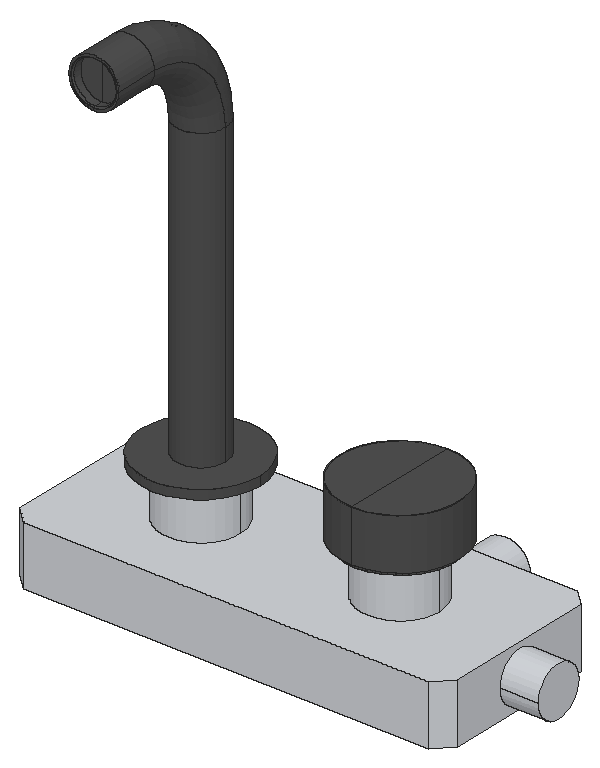
Revit family "Reece_Tap_Milli_Pure_Basin Mixer_Progressive_Wall Mounted_200 mm_Linear Texture", category Plumbing Fixtures, host Face, Revit 2018
Family settings
  Host = Face
  Round Connector Dimension = Use Diameter
  Part Type = Normal
  Cut with Voids When Loaded = No
  Shared = Yes
  Room Calculation Point = Yes
Parameters (values of type "Matte Black")
  WFU = 0  # constant formula
  URL = "https://www.reece.com.au/product/-2224793"
  Type Comments = "Tap"
  Reece_Tap_Reach = 200 mm  # constant formula
  Reece_Tap_Inlet = 12 mm  # constant formula
  Reece_Product_Web Page = "https://www.reece.com.au/product/-2224793"
  Reece_Product_Type = "Tap"  # constant formula
  Reece_Product_Sub Brand = "Pure"  # constant formula
  Reece_Product_Number = "2224793"
  Reece_Product_Mount = "Wall Mounted"
  Reece_Product_Description = "Milli Pure Progressive Wall Basin Mixer Tap System 200mm with Linear Textured Handle Matte Black (3 star)"
  Reece_Product_Brand = "Milli"  # constant formula
  Reece_Overall_Length = 212.5 mm  # constant formula
  Reece_Material_Secondary = Reece_Brass_Matte Black_Linear Pattern
  Reece_Material-Main = Reece_Brass_Matte Black
  Reece_Detail_Tap_Handle Texture = "Linear  Texture"  # constant formula
  Reece_Detail_Installation = ""
  Reece_Detail_Disclaimer = "THIS FILE IS THE PROPERTY OF THE REECE GROUP. IT MAY NOT BE REPRODUCED, REVERSE-ENGINEERED OR MODIFIED. ANY REPUBLICATION, TRANSMISSION OR DISTRIBUTION FOR THE PURPOSE OF COMMERCIALLY EXPLOITING THE FILES IS PROHIBITED."  # constant formula
  Reece_Detail_Connector = ""
  Reece_Detail_Additional = "Basin Mixer"  # constant formula
  Reece_3D Texture = no
  Reece_3D Simplified Geometry = not(Reece_3D Texture)  # yes
  Model = "Pure"
  Manufacturer = "Milli"
  Keynote = "Product #2224793, Reece_Tap_Milli_Pure_Basin Mixer_Progressive_Wall Mounted_200 mm_Linear Texture - Matte Black"
  HWFU = 0  # constant formula
  Disclaimer = "THIS FILE IS THE PROPERTY OF THE REECE GROUP. IT MAY NOT BE REPRODUCED, REVERSE-ENGINEERED OR MODIFIED. ANY REPUBLICATION, TRANSMISSION OR DISTRIBUTION FOR THE PURPOSE OF COMMERCIALLY EXPLOITING THE FILES IS PROHIBITED."  # constant formula
  Description = "Milli Pure Progressive Wall Basin Mixer Tap System 200mm with Linear Textured Handle Matte Black (3 star)"
  Default Elevation = 1000 mm
  CWFU = 0  # constant formula
Types (7, lengths in mm): name | URL | Reece_Product_Web Page | Reece_Product_Number | Reece_Product_Description | Reece_Material_Secondary | Reece_Material-Main | Keynote | Description
  (no name) | "https://www.reece.com.au/product/-2224792" | "https://www.reece.com.au/product/-2224792" | "2224792" | "Milli Pure Progressive Wall Basin Mixer Tap System 200mm with Linear Textured Handle Brushed Gunmetal (3 star)" | Reece_Brass_Brushed Gunmetal_Linear Pattern | Reece_Brass_Brushed Gunmetal | "Product #2224792, Reece_Tap_Milli_Pure_Basin Mixer_Progressive_Wall Mounted_200 mm_Linear Texture -  " | "Milli Pure Progressive Wall Basin Mixer Tap System 200mm with Linear Textured Handle Brushed Gunmetal (3 star)"
  Brushed Gunmetal | "https://www.reece.com.au/product/-2224792" | "https://www.reece.com.au/product/-2224792" | "2224792" | "Milli Pure Progressive Wall Basin Mixer Tap System 200mm with Linear Textured Handle Brushed Gunmetal (3 star)" | Reece_Brass_Brushed Gunmetal_Linear Pattern | Reece_Brass_Brushed Gunmetal | "Product #2224792, Reece_Tap_Milli_Pure_Basin Mixer_Progressive_Wall Mounted_200 mm_Linear Texture - Brushed Gunmetal" | "Milli Pure Progressive Wall Basin Mixer Tap System 200mm with Linear Textured Handle Brushed Gunmetal (3 star)"
  Chrome | "https://www.reece.com.au/product/-2224790" | "https://www.reece.com.au/product/-2224790" | "2224790" | "Milli Pure Progressive Wall Basin Mixer Tap System 200mm with Linear Textured Handle Chrome (3 star)" | Reece_Brass_Chrome_Linear Pattern | Reece_Brass_Chrome | "Product #2224790, Reece_Tap_Milli_Pure_Basin Mixer_Progressive_Wall Mounted_200 mm_Linear Texture - Chrome" | "Milli Pure Progressive Wall Basin Mixer Tap System 200mm with Linear Textured Handle Chrome (3 star)"
  Matte Black | "https://www.reece.com.au/product/-2224793" | "https://www.reece.com.au/product/-2224793" | "2224793" | "Milli Pure Progressive Wall Basin Mixer Tap System 200mm with Linear Textured Handle Matte Black (3 star)" | Reece_Brass_Matte Black_Linear Pattern | Reece_Brass_Matte Black | "Product #2224793, Reece_Tap_Milli_Pure_Basin Mixer_Progressive_Wall Mounted_200 mm_Linear Texture - Matte Black" | "Milli Pure Progressive Wall Basin Mixer Tap System 200mm with Linear Textured Handle Matte Black (3 star)"
  Brushed Nickel | "https://www.reece.com.au/product/-2224791" | "https://www.reece.com.au/product/-2224791" | "2224791" | "Milli Pure Progressive Wall Basin Mixer Tap System 200mm with Linear Textured Handle Brushed Nickel (3 star)" | Reece_Brass_Brushed Nickel_Linear Pattern | Reece_Brass_Brushed Nickel | "Product #2224791, Reece_Tap_Milli_Pure_Basin Mixer_Progressive_Wall Mounted_200 mm_Linear Texture - Brushed Nickel" | "Milli Pure Progressive Wall Basin Mixer Tap System 200mm with Linear Textured Handle Brushed Nickel (3 star)"
  PVD Brushed Bronze | "https://www.reece.com.au/product/-9511044" | "https://www.reece.com.au/product/-9511044" | "9511044" | "Milli Pure Progressive Wall Basin Mixer Tap System 200mm with Linear Textured Handle PVD Brushed Bronze (3 Star)" | Reece_PVD_Brushed Bronze_Linear Pattern | Reece_PVD_Brushed Bronze | "Product #9511044, Reece_Tap_Milli_Pure_Basin Mixer_Progressive_Wall Mounted_200 mm_Linear Texture - PVD Brushed Bronze" | "Milli Pure Progressive Wall Basin Mixer Tap System 200mm with Linear Textured Handle PVD Brushed Bronze (3 Star)"
  PVD Brushed Gold | "https://www.reece.com.au/product/-9510859" | "https://www.reece.com.au/product/-9510859" | "9510859" | "Milli Pure Progressive Wall Basin Mixer Tap System 200mm with Linear Textured Handle PVD Brushed Gold (3 Star)" | Reece_PVD_Brushed Gold_Linear Pattern | Reece_PVD_Brushed Gold | "Product #9510859, Reece_Tap_Milli_Pure_Basin Mixer_Progressive_Wall Mounted_200 mm_Linear Texture - PVD Brushed Gold" | "Milli Pure Progressive Wall Basin Mixer Tap System 200mm with Linear Textured Handle PVD Brushed Gold (3 Star)"
Reference planes
  plane 1 "Center (Front/Back)": y = 0
  plane 2 "Bottom": z = 0
  plane 3 "Center (Left/Right)": x = 0
  plane 4 "Top": z = 212.5
  plane 5: z = 200
  plane 6: y = -67
Forms (mm)
  Extrusion 1, solid, material "Reece_Brass_Matte Black" <- "Reece_Material-Main"
    sketch origin (0, 0, 0) x (1, 0, 0) y (0, 1, 0)
      loop
        circle (-50, 0) r 30
    from 0 to 4.5
  Extrusion 2, solid, material "Reece_Brass_Matte Black" <- "Reece_Material-Main"
    sketch origin (0, 0, 0) x (1, 0, 0) y (0, 1, 0)
      loop
        circle (50, 0) r 28
    from 1.5 to 0
  Sweep 3, solid, material "Reece_Brass_Matte Black" <- "Reece_Material-Main"
    path origin (0, 0, 0) x (0, 1, 0) y (0, 0, 1)
      loop
        line (-67, 200) -> (-45, 200)
        arc (-45, 200) -> (-13.18, 186.82) -> (0, 155) r 45
        line (0, 155) -> (0, 0)
    profile origin (0, 0, 77.5) x (1, 0, 0) y (0, 1, 0)
      loop
        circle (-50, 0) r 12.5
      loop
        circle (-50, 0) r 11.5
  Revolve 4, solid, material "Reece_Brass_Matte Black"
    sketch origin (-50, -183.21, 68.488) x (0, 0.572951, -0.81959) y (0, 0.81959, 0.572951)
      loop
        line (-38.39, 174.619) -> (-37.119, 176.437) -> (-46.38, 182.911) -> (-50.465, 177.068) -> (-49.461, 177.508) -> (-47.184, 180.766) -> (-38.39, 174.619)
      axis (-37.119, 176.437) -> (-41.203, 170.594)
    angle from 0 to 360
  Extrusion 5, solid
    sketch origin (0, 0, 0) x (1, 0, 0) y (0, 1, 0)
      loop
        circle (50, 0) r 20
    from 0 to -25
  Extrusion 6, solid
    sketch origin (0, 0, 0) x (1, 0, 0) y (0, 1, 0)
      loop
        line (-101.853, 46.5) -> (-110, 38.353) -> (-110, -38.353) -> (-101.853, -46.5) -> (101.853, -46.5) -> (110, -38.353) -> (110, 38.353) -> (101.853, 46.5) -> (-101.853, 46.5)
    from -55 to -25
  Extrusion 7, solid
    sketch origin (-100, 0, 0) x (1, 0, 0) y (0, 1, 0)
      loop
        circle (50, 0) r 20
    from 0 to -25
  Extrusion 8, solid
    sketch origin (0, 0, 0) x (1, 0, 0) y (0, 0, 1)
      loop
        circle (50, -40) r 12.5
    from -66.119 to -46.5
  Extrusion 9, solid
    sketch origin (63.5, 50, 0) x (0, -1, 0) y (0, 0, 1)
      loop
        circle (50, -40) r 12.5
    from -66.119 to -46.5
  Extrusion 10, void
    sketch origin (-100, 0, 0) x (1, 0, 0) y (0, 1, 0)
      loop
        circle (50, 0) r 25
    from 0 to -30
  Extrusion 11, void
    sketch origin (100, 0, 0) x (-1, 0, 0) y (0, -1, 0)
      loop
        circle (50, 0) r 25
    from 0 to -30
Cuts and joins
  Extrusion 11 cuts Extrusion 1
  Extrusion 11 cuts Sweep 3
  joined: Extrusion 1, Sweep 3
  Extrusion 11 cuts Extrusion 7
  Extrusion 11 cuts Extrusion 8
  Extrusion 11 cuts Extrusion 9
  joined: Extrusion 5, Extrusion 6, Extrusion 7, Extrusion 8, Extrusion 9
Text (mm)
  text "Reece Copyright © 2018, Reece Ltd." at (-1403.988, -1192.393, 0), in view "Ref. Level"
  text "Reece ©" at (44.384, 258.95, 192.345), in view "Reece Preview"
Dimensions and locks
  "Reece_Tap_Reach": plane 5 to plane 2 "Bottom"
  plane 1 "Center (Front/Back)" to plane 6 = 67 mm
  locked: plane 4 "Top" to plane 5 at 12.5
  "Reece_Overall_Length": plane 4 "Top" to plane 2 "Bottom"
  aligned and locked: plane 2 "Bottom" to host face
  aligned and locked: level to host face
  aligned and locked: host face to Extrusion 10
Automatic sketch dimensions
  host sketch curve to host sketch curve = 380.785 mm
  host sketch curve to host sketch curve = 317.421 mm
  plane 1 "Center (Front/Back)" to Extrusion 1 sketch curve = 0 mm
  Extrusion 1 sketch curve to plane 3 "Center (Left/Right)" = 50 mm
  plane 1 "Center (Front/Back)" to Extrusion 2 sketch curve = 0 mm
  plane 3 "Center (Left/Right)" to Extrusion 2 sketch curve = 50 mm
  Sweep 3 sketch curve to plane 5 = 0 mm
  Sweep 3 sketch curve to plane 6 = 0 mm
  level to Sweep 3 sketch curve = 0 mm
  Sweep 3 sketch curve to plane 1 "Center (Front/Back)" = 0 mm
  Sweep 3 sketch curve to plane 6 = 22 mm
  Sweep 3 sketch curve to Sweep 3 sketch curve = 0 mm  (x2)
  profile plane to Sweep 3 sketch curve = 0 mm
  Sweep 3 sketch curve to plane 3 "Center (Left/Right)" = 50 mm
  Revolve 4 sketch curve to plane 5 = 0 mm  (x4)
  Revolve 4 sketch curve to plane 6 = 0 mm
  Revolve 4 sketch curve to plane 4 "Top" = 1.2 mm
  Revolve 4 sketch curve to Revolve 4 sketch curve = 1.003 mm
  Revolve 4 sketch curve to Revolve 4 sketch curve = 2.278 mm
  Revolve 4 sketch curve to Revolve 4 sketch curve = 0.803 mm
  Revolve 4 sketch curve to Revolve 4 sketch curve = 1.271 mm
  Revolve 4 sketch curve to Revolve 4 sketch curve = 17.422 mm
  Revolve 4 sketch curve to Revolve 4 sketch curve = 3.892 mm
  Extrusion 5 sketch curve to Extrusion 5 sketch curve = 0 mm  (x2)
  plane 1 "Center (Front/Back)" to Extrusion 5 sketch curve = 0 mm
  plane 3 "Center (Left/Right)" to Extrusion 5 sketch curve = 50 mm
  Extrusion 5 sketch curve to Extrusion 5 sketch curve = 20 mm
  Extrusion 6 sketch curve to Extrusion 6 sketch curve = 8.147 mm  (x7)
  Extrusion 6 sketch curve to plane 1 "Center (Front/Back)" = 46.5 mm
  Extrusion 6 sketch curve to plane 3 "Center (Left/Right)" = 101.853 mm
  Extrusion 6 sketch curve to plane 6 = 20.5 mm
  Extrusion 6 sketch curve to Extrusion 6 sketch curve = 0 mm
  Extrusion 7 sketch curve to Extrusion 7 sketch curve = 0 mm  (x2)
  plane 1 "Center (Front/Back)" to Extrusion 7 sketch curve = 0 mm
  Extrusion 7 sketch curve to plane 3 "Center (Left/Right)" = 50 mm
  Extrusion 7 sketch curve to Extrusion 7 sketch curve = 20 mm
  plane 3 "Center (Left/Right)" to Extrusion 8 sketch curve = 50 mm
  Extrusion 8 sketch curve to level = 40 mm
  Extrusion 9 sketch curve to plane 1 "Center (Front/Back)" = 0 mm
  Extrusion 9 sketch curve to level = 40 mm
  Extrusion 10 sketch curve to Extrusion 10 sketch curve = 0 mm  (x2)
  plane 1 "Center (Front/Back)" to Extrusion 10 sketch curve = 0 mm
  Extrusion 10 sketch curve to plane 3 "Center (Left/Right)" = 50 mm
  Extrusion 10 sketch curve to Extrusion 10 sketch curve = 25 mm
  Extrusion 11 sketch curve to Extrusion 11 sketch curve = 0 mm  (x2)
  plane 1 "Center (Front/Back)" to Extrusion 11 sketch curve = 0 mm
  Extrusion 11 sketch curve to plane 3 "Center (Left/Right)" = 50 mm
  Extrusion 11 sketch curve to Extrusion 11 sketch curve = 25 mm
  plane 3 "Center (Left/Right)" to Extrusion 6 sketch curve = 101.853 mm
  radius of Extrusion 1 sketch curve = 30 mm
  radius of Extrusion 2 sketch curve = 28 mm
  radius of Sweep 3 sketch curve = 12.5 mm
  radius of Sweep 3 sketch curve = 11.5 mm
  radius of Extrusion 8 sketch curve = 12.5 mm
  radius of Extrusion 9 sketch curve = 12.5 mm
Nested families
  nested 1: "Reece_Tap_Milli_Pure_Diverter_Linear Texture_Cap_60mm" at (50, 0, 0), visible <- "Reece_3D Texture", Reece_Material-Main <- "Reece_Material-Main", Reece_Material_Secondary <- "Reece_Material_Secondary", type "60mm x 28mm"
    with Reece_Material_Secondary Reece_Brass_Matte Black_Linear Pattern, Reece_Material-Main Reece_Brass_Matte Black
  nested 2: "Reece_Tap_Milli_Pure_Diverter_Texture_Main_Nested" at (50, 0, 0), visible <- "Reece_3D Simplified Geometry", Reece_Material-Main <- "Reece_Material-Main", Reece_Material_Secondary <- "Reece_Material_Secondary", type "60mm x 28mm"
    with Reece_Material_Secondary Reece_Brass_Matte Black_Linear Pattern, Reece_Material-Main Reece_Brass_Matte Black
Connectors
  piping at (50, 66.119, -40), diameter 12, driven by "Reece_Tap_Inlet"
    settings: on cut or joined group of Extrusion 5, Extrusion 6, Extrusion 7, Extrusion 8, Extrusion 9, Extrusion 11, index 1, connector inside diameter 609.6 mm, connector length 0 mm, flow factor 0, pipe flow 0.0 L/s, pressure drop 0.0 Pa, fitting loss kfactor 0, connector angle 0.00°, fixture units 0, engagement length 0 mm, angle of deflection 0.00°, flow configuration 0, flow direction 1, fitting loss method 0, system type 29, joint type 0, gender type 0, connector reference index -1, connector utility 0, adjustable connector no, is connector primary yes, connector description ""
  piping at (129.619, 0, -40), diameter 12, driven by "Reece_Tap_Inlet"
    settings: on cut or joined group of Extrusion 5, Extrusion 6, Extrusion 7, Extrusion 8, Extrusion 9, Extrusion 11, index 2, connector inside diameter 609.6 mm, connector length 0 mm, flow factor 0, pipe flow 0.0 L/s, pressure drop 0.0 Pa, fitting loss kfactor 0, connector angle 0.00°, fixture units 0, engagement length 0 mm, angle of deflection 0.00°, flow configuration 0, flow direction 1, fitting loss method 0, system type 29, joint type 0, gender type 0, connector reference index -1, connector utility 0, adjustable connector no, is connector primary no, connector description ""
Definition of nested family "Reece_Tap_Milli_Pure_Diverter_Linear Texture_Cap_60mm"
  Parameters (values of type "60mm x 28mm")
    WFU = 0  # constant formula
    Reece_Tap_Inlet = 0 mm
    Reece_Overall_Length = 60 mm
    Reece_Overall_Height = 28 mm
    Reece_Material_Secondary [instance] = none
    Reece_Material-Main [instance] = none
    Reece_Detail_Installation = ""
    Reece_Detail_Connector = ""
    Reece_Detail_Additional = ""
    HWFU = 0  # constant formula
    Default Elevation = 1000 mm
    CWFU = 0  # constant formula
  Reference planes
    plane 1 "Center (Front/Back)": y = 0
    plane 2 "Bottom": z = 0
    plane 3 "Center (Left/Right)": x = 0
    plane 4: z = 28
    plane 5: y = -30
    plane 6: y = 30
  Forms (mm)
    Extrusion 1, solid
      sketch origin (619.2, -619.2, 0) x (1, 0, 0) y (0, 1, 0)
        loop
          line (-809.2, 779.2) -> (-809.2, 461.779) -> (-428.415, 461.779) -> (-428.415, 779.2) -> (-809.2, 779.2)
      from 0 to -9.564
    Revolve 2, solid, material <- "Reece_Material-Main"
      sketch origin (0, 0, -140.292) x (0, 1, 0) y (0, 0, 1)
        loop
          line (0, 148.292) -> (-30, 148.292) -> (-30, 142.292) -> (-27.915, 142.292) -> (-27.915, 140.292) -> (-25.915, 140.292) -> (-25.915, 144.803) -> (0, 144.803) -> (0, 148.292)
        axis (0, 140.292) -> (0, 148.292)
      angle from 0 to 360
    Extrusion 3, solid, material <- "Reece_Material-Main"
      sketch origin (300, 0, 0) x (1, 0, 0) y (0, 1, 0)
        loop
          arc (-296.155, 28.799) -> (-297.018, 29.853) -> (-298.073, 28.991) r 0.964
          arc (-298.073, 28.991) -> (-298.726, 29.95) -> (-299.664, 29.266) r 0.808
          arc (-299.664, 29.266) -> (-300.6, 29.978) -> (-301.291, 29.026) r 0.823
          arc (-301.291, 29.026) -> (-302.327, 29.911) -> (-303.213, 28.877) r 0.964
          arc (-303.213, 28.877) -> (-304.305, 29.691) -> (-305.121, 28.6) r 0.964
          arc (-305.121, 28.6) -> (-306.265, 29.34) -> (-307.007, 28.197) r 0.964
          arc (-307.007, 28.197) -> (-308.197, 28.86) -> (-308.861, 27.671) r 0.964
          arc (-308.861, 27.671) -> (-310.093, 28.253) -> (-310.677, 27.022) r 0.964
          arc (-310.677, 27.022) -> (-311.945, 27.522) -> (-312.445, 26.254) r 0.964
          arc (-312.445, 26.254) -> (-313.743, 26.669) -> (-314.159, 25.371) r 0.964
          arc (-314.159, 25.371) -> (-315.482, 25.699) -> (-315.811, 24.376) r 0.964
          arc (-315.811, 24.376) -> (-317.152, 24.615) -> (-317.393, 23.274) r 0.964
          arc (-317.393, 23.274) -> (-318.747, 23.423) -> (-318.898, 22.069) r 0.964
          arc (-318.898, 22.069) -> (-320.259, 22.129) -> (-320.32, 20.767) r 0.964
          arc (-320.32, 20.767) -> (-321.682, 20.736) -> (-321.652, 19.374) r 0.964
          arc (-321.652, 19.374) -> (-323.01, 19.253) -> (-322.89, 17.895) r 0.964
          arc (-322.89, 17.895) -> (-324.236, 17.684) -> (-324.026, 16.338) r 0.964
          arc (-324.026, 16.338) -> (-325.355, 16.038) -> (-325.057, 14.708) r 0.964
          arc (-325.057, 14.708) -> (-326.363, 14.321) -> (-325.977, 13.014) r 0.964
          arc (-325.977, 13.014) -> (-327.255, 12.541) -> (-326.783, 11.263) r 0.964
          arc (-326.783, 11.263) -> (-328.027, 10.706) -> (-327.471, 9.462) r 0.964
          arc (-327.471, 9.462) -> (-328.675, 8.824) -> (-328.038, 7.619) r 0.964
          arc (-328.038, 7.619) -> (-329.197, 6.902) -> (-328.482, 5.743) r 0.964
          arc (-328.482, 5.743) -> (-329.59, 4.951) -> (-328.8, 3.841) r 0.964
          arc (-328.8, 3.841) -> (-329.854, 2.978) -> (-328.991, 1.923) r 0.964
          arc (-328.991, 1.923) -> (-329.985, 0.991) -> (-329.055, -0.004) r 0.964
          arc (-329.055, -0.004) -> (-329.985, -1) -> (-328.991, -1.931) r 0.964
          arc (-328.991, -1.931) -> (-329.853, -2.986) -> (-328.799, -3.85) r 0.964
          arc (-328.799, -3.85) -> (-329.589, -4.96) -> (-328.48, -5.751) r 0.964
          arc (-328.48, -5.751) -> (-329.195, -6.911) -> (-328.036, -7.627) r 0.964
          arc (-328.036, -7.627) -> (-328.672, -8.832) -> (-327.468, -9.47) r 0.964
          arc (-327.468, -9.47) -> (-328.023, -10.714) -> (-326.78, -11.271) r 0.964
          arc (-326.78, -11.271) -> (-327.251, -12.549) -> (-325.973, -13.022) r 0.964
          arc (-325.973, -13.022) -> (-326.359, -14.329) -> (-325.052, -14.716) r 0.964
          arc (-325.052, -14.716) -> (-325.351, -16.045) -> (-324.021, -16.345) r 0.964
          arc (-324.021, -16.345) -> (-324.231, -17.691) -> (-322.884, -17.902) r 0.964
          arc (-322.884, -17.902) -> (-323.004, -19.259) -> (-321.647, -19.38) r 0.964
          arc (-321.647, -19.38) -> (-321.676, -20.743) -> (-320.314, -20.773) r 0.964
          arc (-320.314, -20.773) -> (-320.253, -22.135) -> (-318.891, -22.075) r 0.964
          arc (-318.891, -22.075) -> (-318.74, -23.429) -> (-317.386, -23.279) r 0.964
          arc (-317.386, -23.279) -> (-317.145, -24.62) -> (-315.804, -24.381) r 0.964
          arc (-315.804, -24.381) -> (-315.474, -25.703) -> (-314.152, -25.375) r 0.964
          arc (-314.152, -25.375) -> (-313.736, -26.673) -> (-312.438, -26.258) r 0.964
          arc (-312.438, -26.258) -> (-311.936, -27.525) -> (-310.669, -27.025) r 0.964
          arc (-310.669, -27.025) -> (-310.085, -28.256) -> (-308.853, -27.673) r 0.964
          arc (-308.853, -27.673) -> (-308.189, -28.863) -> (-306.998, -28.199) r 0.964
          arc (-306.998, -28.199) -> (-306.256, -29.342) -> (-305.113, -28.601) r 0.964
          arc (-305.113, -28.601) -> (-304.297, -29.693) -> (-303.205, -28.878) r 0.964
          arc (-303.205, -28.878) -> (-302.318, -29.912) -> (-301.282, -29.026) r 0.964
          arc (-301.282, -29.026) -> (-300.329, -30) -> (-299.354, -29.048) r 0.964
          arc (-299.354, -29.048) -> (-298.339, -29.956) -> (-297.429, -28.941) r 0.964
          arc (-297.429, -28.941) -> (-296.356, -29.78) -> (-295.516, -28.707) r 0.964
          arc (-295.516, -28.707) -> (-294.389, -29.472) -> (-293.622, -28.346) r 0.964
          arc (-293.622, -28.346) -> (-292.446, -29.035) -> (-291.756, -27.861) r 0.964
          arc (-291.756, -27.861) -> (-290.537, -28.47) -> (-289.926, -27.252) r 0.964
          arc (-289.926, -27.252) -> (-288.67, -27.78) -> (-288.141, -26.524) r 0.964
          arc (-288.141, -26.524) -> (-286.852, -26.968) -> (-286.408, -25.679) r 0.964
          arc (-286.408, -25.679) -> (-285.093, -26.036) -> (-284.735, -24.722) r 0.964
          arc (-284.735, -24.722) -> (-283.399, -24.99) -> (-283.129, -23.655) r 0.964
          arc (-283.129, -23.655) -> (-281.778, -23.834) -> (-281.597, -22.484) r 0.964
          arc (-281.597, -22.484) -> (-280.238, -22.573) -> (-280.147, -21.214) r 0.964
          arc (-280.147, -21.214) -> (-278.784, -21.213) -> (-278.783, -19.85) r 0.964
          arc (-278.783, -19.85) -> (-277.424, -19.759) -> (-277.514, -18.399) r 0.964
          arc (-277.514, -18.399) -> (-276.163, -18.218) -> (-276.343, -16.868) r 0.964
          arc (-276.343, -16.868) -> (-275.007, -16.597) -> (-275.276, -15.262) r 0.964
          arc (-275.276, -15.262) -> (-273.962, -14.903) -> (-274.319, -13.588) r 0.964
          arc (-274.319, -13.588) -> (-273.03, -13.144) -> (-273.474, -11.855) r 0.964
          arc (-273.474, -11.855) -> (-272.218, -11.326) -> (-272.746, -10.07) r 0.964
          arc (-272.746, -10.07) -> (-271.528, -9.459) -> (-272.138, -8.24) r 0.964
          arc (-272.138, -8.24) -> (-270.964, -7.549) -> (-271.653, -6.374) r 0.964
          arc (-271.653, -6.374) -> (-270.527, -5.607) -> (-271.293, -4.48) r 0.964
          arc (-271.293, -4.48) -> (-270.22, -3.64) -> (-271.059, -2.566) r 0.964
          arc (-271.059, -2.566) -> (-270.044, -1.657) -> (-270.952, -0.641) r 0.964
          arc (-270.952, -0.641) -> (-270, 0.333) -> (-270.974, 1.287) r 0.964
          arc (-270.974, 1.287) -> (-270.088, 2.322) -> (-271.123, 3.209) r 0.964
          arc (-271.123, 3.209) -> (-270.308, 4.301) -> (-271.399, 5.117) r 0.964
          arc (-271.399, 5.117) -> (-270.659, 6.261) -> (-271.802, 7.002) r 0.964
          arc (-271.802, 7.002) -> (-271.138, 8.193) -> (-272.328, 8.857) r 0.964
          arc (-272.328, 8.857) -> (-271.745, 10.089) -> (-272.977, 10.673) r 0.964
          arc (-272.977, 10.673) -> (-272.477, 11.941) -> (-273.744, 12.442) r 0.964
          arc (-273.744, 12.442) -> (-273.329, 13.74) -> (-274.627, 14.156) r 0.964
          arc (-274.627, 14.156) -> (-274.299, 15.478) -> (-275.621, 15.807) r 0.964
          arc (-275.621, 15.807) -> (-275.382, 17.149) -> (-276.723, 17.389) r 0.964
          arc (-276.723, 17.389) -> (-276.574, 18.744) -> (-277.928, 18.895) r 0.964
          arc (-277.928, 18.895) -> (-277.868, 20.256) -> (-279.23, 20.317) r 0.964
          arc (-279.23, 20.317) -> (-279.261, 21.679) -> (-280.623, 21.65) r 0.964
          arc (-280.623, 21.65) -> (-280.744, 23.007) -> (-282.101, 22.887) r 0.964
          arc (-282.101, 22.887) -> (-282.312, 24.233) -> (-283.659, 24.024) r 0.964
          arc (-283.659, 24.024) -> (-283.958, 25.353) -> (-285.288, 25.055) r 0.964
          arc (-285.288, 25.055) -> (-285.675, 26.361) -> (-286.982, 25.975) r 0.964
          arc (-286.982, 25.975) -> (-287.455, 27.253) -> (-288.733, 26.781) r 0.964
          arc (-288.733, 26.781) -> (-289.29, 28.025) -> (-290.534, 27.47) r 0.964
          arc (-290.534, 27.47) -> (-291.172, 28.674) -> (-292.377, 28.037) r 0.964
          arc (-292.377, 28.037) -> (-293.093, 29.196) -> (-294.253, 28.481) r 0.964
          arc (-294.253, 28.481) -> (-295.045, 29.59) -> (-296.155, 28.799) r 0.964
      from 8 to 28
  Text (mm)
    text "Reece Copyright © 2018, Reece Ltd." at (-1403.988, -1192.393, 0), in view "Ref. Level"
    text "Reece ©" at (44.384, 258.95, 192.345), in view "Reece Preview"
  Dimensions and locks
    "Reece_Overall_Height": plane 4 to plane 2 "Bottom"
    "Reece_Overall_Length": plane 5 to plane 6
    equal spacing: plane 6, plane 1 "Center (Front/Back)", plane 5
    aligned and locked: plane 2 "Bottom" to Extrusion 1
    aligned and locked: level to Extrusion 1
    aligned and locked: plane 4 to Extrusion 3
  Automatic sketch dimensions
    Extrusion 1 sketch curve to Extrusion 1 sketch curve = 380.785 mm
    Extrusion 1 sketch curve to Extrusion 1 sketch curve = 317.421 mm
    level to Revolve 2 sketch curve = 0 mm
    Revolve 2 sketch curve to plane 1 "Center (Front/Back)" = 0 mm  (x2)
    level to Revolve 2 sketch curve = 2 mm
    level to Revolve 2 sketch curve = 4.511 mm
    Revolve 2 sketch curve to Revolve 2 sketch curve = 3.489 mm
    plane 4 to Revolve 2 sketch curve = 17.996 mm
    Revolve 2 sketch curve to Revolve 2 sketch curve = 3.712 mm
    Revolve 2 sketch curve to plane 5 = 0 mm
    Extrusion 3 sketch curve to plane 1 "Center (Front/Back)" = 0.959 mm
    Extrusion 3 sketch curve to plane 3 "Center (Left/Right)" = 29.022 mm
    plane 1 "Center (Front/Back)" to Extrusion 3 sketch curve = 0.968 mm
    Extrusion 3 sketch curve to Extrusion 3 sketch curve = 0 mm
    Extrusion 3 sketch curve to Extrusion 3 sketch curve = 0.128 mm  (x2)
    Extrusion 3 sketch curve to Extrusion 3 sketch curve = 0.255 mm  (x2)
    Extrusion 3 sketch curve to Extrusion 3 sketch curve = 0.381 mm  (x2)
    Extrusion 3 sketch curve to Extrusion 3 sketch curve = 0.505 mm
    Extrusion 3 sketch curve to Extrusion 3 sketch curve = 0.506 mm
    Extrusion 3 sketch curve to Extrusion 3 sketch curve = 0.627 mm
    Extrusion 3 sketch curve to Extrusion 3 sketch curve = 0.628 mm  (x2)
    Extrusion 3 sketch curve to Extrusion 3 sketch curve = 0.747 mm  (x3)
    Extrusion 3 sketch curve to Extrusion 3 sketch curve = 0.863 mm  (x2)
    Extrusion 3 sketch curve to Extrusion 3 sketch curve = 0.864 mm
    Extrusion 3 sketch curve to Extrusion 3 sketch curve = 0.975 mm
    Extrusion 3 sketch curve to Extrusion 3 sketch curve = 0.976 mm  (x2)
    Extrusion 3 sketch curve to Extrusion 3 sketch curve = 1.084 mm  (x3)
    Extrusion 3 sketch curve to Extrusion 3 sketch curve = 1.187 mm  (x3)
    Extrusion 3 sketch curve to Extrusion 3 sketch curve = 1.285 mm  (x3)
    Extrusion 3 sketch curve to Extrusion 3 sketch curve = 1.377 mm  (x2)
    Extrusion 3 sketch curve to Extrusion 3 sketch curve = 1.378 mm
    Extrusion 3 sketch curve to Extrusion 3 sketch curve = 1.464 mm  (x3)
    Extrusion 3 sketch curve to Extrusion 3 sketch curve = 1.544 mm  (x3)
    Extrusion 3 sketch curve to Extrusion 3 sketch curve = 1.617 mm  (x3)
    Extrusion 3 sketch curve to Extrusion 3 sketch curve = 1.683 mm  (x3)
    Extrusion 3 sketch curve to Extrusion 3 sketch curve = 1.741 mm  (x3)
    Extrusion 3 sketch curve to Extrusion 3 sketch curve = 1.792 mm  (x3)
    Extrusion 3 sketch curve to Extrusion 3 sketch curve = 1.835 mm  (x3)
    Extrusion 3 sketch curve to Extrusion 3 sketch curve = 1.87 mm  (x3)
    Extrusion 3 sketch curve to Extrusion 3 sketch curve = 1.897 mm  (x3)
    Extrusion 3 sketch curve to Extrusion 3 sketch curve = 1.915 mm  (x3)
    Extrusion 3 sketch curve to plane 3 "Center (Left/Right)" = 0.48 mm
    Extrusion 3 sketch curve to plane 3 "Center (Left/Right)" = 0.318 mm
    plane 3 "Center (Left/Right)" to Extrusion 3 sketch curve = 1.136 mm
    plane 3 "Center (Left/Right)" to Extrusion 3 sketch curve = 1.608 mm
    Extrusion 3 sketch curve to Extrusion 3 sketch curve = 1.75 mm
    Extrusion 3 sketch curve to Extrusion 3 sketch curve = 1.919 mm  (x2)
    Extrusion 3 sketch curve to Extrusion 3 sketch curve = 1.91 mm  (x2)
    Extrusion 3 sketch curve to Extrusion 3 sketch curve = 1.904 mm  (x2)
    Extrusion 3 sketch curve to Extrusion 3 sketch curve = 1.889 mm  (x3)
    Extrusion 3 sketch curve to Extrusion 3 sketch curve = 1.88 mm  (x2)
    Extrusion 3 sketch curve to Extrusion 3 sketch curve = 1.859 mm  (x3)
    Extrusion 3 sketch curve to Extrusion 3 sketch curve = 1.848 mm  (x2)
    Extrusion 3 sketch curve to Extrusion 3 sketch curve = 1.822 mm  (x3)
    Extrusion 3 sketch curve to Extrusion 3 sketch curve = 1.807 mm  (x2)
    Extrusion 3 sketch curve to Extrusion 3 sketch curve = 1.776 mm  (x3)
    Extrusion 3 sketch curve to Extrusion 3 sketch curve = 1.759 mm  (x2)
    Extrusion 3 sketch curve to Extrusion 3 sketch curve = 1.723 mm  (x3)
    Extrusion 3 sketch curve to Extrusion 3 sketch curve = 1.703 mm  (x2)
    Extrusion 3 sketch curve to Extrusion 3 sketch curve = 1.662 mm  (x2)
    Extrusion 3 sketch curve to Extrusion 3 sketch curve = 1.639 mm
    Extrusion 3 sketch curve to Extrusion 3 sketch curve = 1.593 mm  (x3)
    Extrusion 3 sketch curve to Extrusion 3 sketch curve = 1.569 mm  (x2)
    Extrusion 3 sketch curve to Extrusion 3 sketch curve = 1.518 mm  (x3)
    Extrusion 3 sketch curve to Extrusion 3 sketch curve = 1.491 mm  (x2)
    Extrusion 3 sketch curve to Extrusion 3 sketch curve = 1.436 mm  (x3)
    Extrusion 3 sketch curve to Extrusion 3 sketch curve = 1.407 mm  (x2)
    Extrusion 3 sketch curve to Extrusion 3 sketch curve = 1.347 mm  (x2)
    Extrusion 3 sketch curve to Extrusion 3 sketch curve = 1.316 mm
    Extrusion 3 sketch curve to Extrusion 3 sketch curve = 1.253 mm  (x3)
    Extrusion 3 sketch curve to Extrusion 3 sketch curve = 1.22 mm  (x2)
    Extrusion 3 sketch curve to Extrusion 3 sketch curve = 1.153 mm  (x3)
    Extrusion 3 sketch curve to Extrusion 3 sketch curve = 1.119 mm  (x2)
    Extrusion 3 sketch curve to Extrusion 3 sketch curve = 1.048 mm  (x2)
    Extrusion 3 sketch curve to Extrusion 3 sketch curve = 1.012 mm  (x2)
    Extrusion 3 sketch curve to Extrusion 3 sketch curve = 0.939 mm  (x3)
    Extrusion 3 sketch curve to Extrusion 3 sketch curve = 0.901 mm  (x3)
    Extrusion 3 sketch curve to Extrusion 3 sketch curve = 0.825 mm  (x5)
    Extrusion 3 sketch curve to Extrusion 3 sketch curve = 0.786 mm  (x2)
    Extrusion 3 sketch curve to Extrusion 3 sketch curve = 0.708 mm  (x2)
    Extrusion 3 sketch curve to Extrusion 3 sketch curve = 0.668 mm  (x2)
    Extrusion 3 sketch curve to Extrusion 3 sketch curve = 0.587 mm
    Extrusion 3 sketch curve to Extrusion 3 sketch curve = 0.546 mm
    Extrusion 3 sketch curve to Extrusion 3 sketch curve = 0.464 mm
    Extrusion 3 sketch curve to Extrusion 3 sketch curve = 0.423 mm  (x2)
    Extrusion 3 sketch curve to Extrusion 3 sketch curve = 0.339 mm
    Extrusion 3 sketch curve to Extrusion 3 sketch curve = 0.297 mm
    Extrusion 3 sketch curve to Extrusion 3 sketch curve = 0.213 mm
    plane 1 "Center (Front/Back)" to Extrusion 3 sketch curve = 1.604 mm
    Extrusion 3 sketch curve to Extrusion 3 sketch curve = 0.17 mm
    Extrusion 3 sketch curve to plane 1 "Center (Front/Back)" = 0.323 mm
    Extrusion 3 sketch curve to Extrusion 3 sketch curve = 0.085 mm
    Extrusion 3 sketch curve to Extrusion 3 sketch curve = 1.317 mm
    Extrusion 3 sketch curve to Extrusion 3 sketch curve = 1.64 mm
    Extrusion 3 sketch curve to Extrusion 3 sketch curve = 1.661 mm
    Extrusion 3 sketch curve to Extrusion 3 sketch curve = 1.923 mm  (x2)
    Extrusion 3 sketch curve to Extrusion 3 sketch curve = 1.925 mm
    Extrusion 3 sketch curve to Extrusion 3 sketch curve = 1.348 mm
    Extrusion 3 sketch curve to Extrusion 3 sketch curve = 1.049 mm
    plane 1 "Center (Front/Back)" to Extrusion 3 sketch curve = 0.004 mm
    Extrusion 3 sketch curve to Extrusion 3 sketch curve = 0.033 mm
    Extrusion 3 sketch curve to Extrusion 3 sketch curve = 0.031 mm  (x2)
    Extrusion 3 sketch curve to Extrusion 3 sketch curve = 0.16 mm  (x2)
    Extrusion 3 sketch curve to Extrusion 3 sketch curve = 0.158 mm
    Extrusion 3 sketch curve to Extrusion 3 sketch curve = 0.223 mm
    Extrusion 3 sketch curve to Extrusion 3 sketch curve = 0.221 mm
    Extrusion 3 sketch curve to Extrusion 3 sketch curve = 0.285 mm
    Extrusion 3 sketch curve to Extrusion 3 sketch curve = 0.345 mm
    Extrusion 3 sketch curve to Extrusion 3 sketch curve = 0.283 mm
    Extrusion 3 sketch curve to Extrusion 3 sketch curve = 0.343 mm
    Extrusion 3 sketch curve to Extrusion 3 sketch curve = 0.404 mm
    Extrusion 3 sketch curve to Extrusion 3 sketch curve = 0.402 mm
    Extrusion 3 sketch curve to Extrusion 3 sketch curve = 0.461 mm
    Extrusion 3 sketch curve to Extrusion 3 sketch curve = 0.459 mm
    Extrusion 3 sketch curve to Extrusion 3 sketch curve = 0.516 mm
    Extrusion 3 sketch curve to Extrusion 3 sketch curve = 0.569 mm
    Extrusion 3 sketch curve to Extrusion 3 sketch curve = 0.515 mm
    Extrusion 3 sketch curve to Extrusion 3 sketch curve = 0.567 mm
    Extrusion 3 sketch curve to Extrusion 3 sketch curve = 0.568 mm
    Extrusion 3 sketch curve to Extrusion 3 sketch curve = 0.667 mm
    Extrusion 3 sketch curve to Extrusion 3 sketch curve = 0.618 mm
    Extrusion 3 sketch curve to Extrusion 3 sketch curve = 0.712 mm  (x2)
    Extrusion 3 sketch curve to Extrusion 3 sketch curve = 0.71 mm
    Extrusion 3 sketch curve to Extrusion 3 sketch curve = 0.711 mm
    Extrusion 3 sketch curve to Extrusion 3 sketch curve = 0.791 mm  (x2)
    Extrusion 3 sketch curve to Extrusion 3 sketch curve = 0.752 mm
    Extrusion 3 sketch curve to Extrusion 3 sketch curve = 0.826 mm  (x2)
    Extrusion 3 sketch curve to Extrusion 3 sketch curve = 0.885 mm  (x2)
    Extrusion 3 sketch curve to Extrusion 3 sketch curve = 0.908 mm  (x2)
    Extrusion 3 sketch curve to Extrusion 3 sketch curve = 0.907 mm
    Extrusion 3 sketch curve to Extrusion 3 sketch curve = 0.928 mm
    Extrusion 3 sketch curve to Extrusion 3 sketch curve = 0.914 mm
    Extrusion 3 sketch curve to Extrusion 3 sketch curve = 0.922 mm
    Extrusion 3 sketch curve to Extrusion 3 sketch curve = 0.915 mm
    Extrusion 3 sketch curve to Extrusion 3 sketch curve = 0.893 mm
    Extrusion 3 sketch curve to Extrusion 3 sketch curve = 0.847 mm
    Extrusion 3 sketch curve to Extrusion 3 sketch curve = 0.836 mm
    Extrusion 3 sketch curve to Extrusion 3 sketch curve = 0.814 mm
    Extrusion 3 sketch curve to Extrusion 3 sketch curve = 0.837 mm
    Extrusion 3 sketch curve to Extrusion 3 sketch curve = 0.815 mm
    Extrusion 3 sketch curve to Extrusion 3 sketch curve = 0.765 mm
    Extrusion 3 sketch curve to Extrusion 3 sketch curve = 0.739 mm
    Extrusion 3 sketch curve to Extrusion 3 sketch curve = 0.725 mm
    Extrusion 3 sketch curve to Extrusion 3 sketch curve = 0.696 mm
    Extrusion 3 sketch curve to Extrusion 3 sketch curve = 0.726 mm
    Extrusion 3 sketch curve to Extrusion 3 sketch curve = 0.65 mm
    Extrusion 3 sketch curve to Extrusion 3 sketch curve = 0.682 mm
    Extrusion 3 sketch curve to Extrusion 3 sketch curve = 0.601 mm
    Extrusion 3 sketch curve to Extrusion 3 sketch curve = 0.636 mm
    Extrusion 3 sketch curve to Extrusion 3 sketch curve = 0.603 mm
    Extrusion 3 sketch curve to Extrusion 3 sketch curve = 0.586 mm
    Extrusion 3 sketch curve to Extrusion 3 sketch curve = 0.497 mm
    Extrusion 3 sketch curve to Extrusion 3 sketch curve = 0.534 mm
    Extrusion 3 sketch curve to Extrusion 3 sketch curve = 0.441 mm
    Extrusion 3 sketch curve to Extrusion 3 sketch curve = 0.421 mm
    Extrusion 3 sketch curve to Extrusion 3 sketch curve = 0.442 mm
    Extrusion 3 sketch curve to Extrusion 3 sketch curve = 0.385 mm
    Extrusion 3 sketch curve to Extrusion 3 sketch curve = 0.365 mm
    Extrusion 3 sketch curve to Extrusion 3 sketch curve = 0.325 mm
    Extrusion 3 sketch curve to Extrusion 3 sketch curve = 0.242 mm
    Extrusion 3 sketch curve to Extrusion 3 sketch curve = 0.2 mm
    Extrusion 3 sketch curve to Extrusion 3 sketch curve = 0.244 mm
    Extrusion 3 sketch curve to Extrusion 3 sketch curve = 0.202 mm
    Extrusion 3 sketch curve to Extrusion 3 sketch curve = 0.181 mm
    Extrusion 3 sketch curve to Extrusion 3 sketch curve = 0.074 mm
    Extrusion 3 sketch curve to Extrusion 3 sketch curve = 0.118 mm
    Extrusion 3 sketch curve to Extrusion 3 sketch curve = 0.01 mm
    Extrusion 3 sketch curve to Extrusion 3 sketch curve = 0.323 mm
    Extrusion 3 sketch curve to Extrusion 3 sketch curve = 0.262 mm  (x2)
    plane 6 to Extrusion 3 sketch curve = 1.742 mm
    plane 6 to Extrusion 3 sketch curve = 1.602 mm
    plane 6 to Extrusion 3 sketch curve = 1.361 mm
    plane 6 to Extrusion 3 sketch curve = 1.263 mm
    plane 6 to Extrusion 3 sketch curve = 1.106 mm
    plane 6 to Extrusion 3 sketch curve = 1.05 mm
    plane 6 to Extrusion 3 sketch curve = 0.846 mm
    plane 6 to Extrusion 3 sketch curve = 0.836 mm
    Extrusion 3 sketch curve to Extrusion 3 sketch curve = 0.943 mm  (x3)
    Extrusion 3 sketch curve to Extrusion 3 sketch curve = 0.954 mm  (x3)
    Extrusion 3 sketch curve to Extrusion 3 sketch curve = 0.811 mm
    plane 3 "Center (Left/Right)" to Extrusion 3 sketch curve = 0.336 mm
    Extrusion 3 sketch curve to Extrusion 3 sketch curve = 0.951 mm  (x3)
    Extrusion 3 sketch curve to Extrusion 3 sketch curve = 0.938 mm
    plane 5 to Revolve 2 sketch curve = 2.085 mm
    Revolve 2 sketch curve to Revolve 2 sketch curve = 2 mm
    plane 5 to Extrusion 3 sketch curve = 1.898 mm
    plane 5 to Extrusion 3 sketch curve = 1.601 mm
    plane 5 to Extrusion 3 sketch curve = 1.475 mm
    plane 5 to Extrusion 3 sketch curve = 1.262 mm
    plane 5 to Extrusion 3 sketch curve = 1.177 mm
    plane 5 to Extrusion 3 sketch curve = 1.049 mm
    plane 5 to Extrusion 3 sketch curve = 1.007 mm
    plane 5 to Extrusion 3 sketch curve = 0.964 mm
    Extrusion 3 sketch curve to Extrusion 3 sketch curve = 0.964 mm
    plane 3 "Center (Left/Right)" to Extrusion 3 sketch curve = 0.646 mm
    Extrusion 3 sketch curve to Extrusion 3 sketch curve = 0.957 mm  (x2)
    Extrusion 3 sketch curve to Extrusion 3 sketch curve = 0.933 mm
Definition of nested family "Reece_Tap_Milli_Pure_Diverter_Texture_Main_Nested"
  Parameters (values of type "54mm x 30mm")
    WFU = 0  # constant formula
    Reece_Overall_Width = 54 mm
    Reece_Overall_Height = 30 mm
    Reece_Material_Secondary [instance] = none
    Reece_Material-Main [instance] = none
    Reece_Detail_Installation = ""
    Reece_Detail_Connector = ""
    Reece_Detail_Additional = ""
    HWFU = 0  # constant formula
    Default Elevation = 1000 mm
    CWFU = 0  # constant formula
  Types (3, lengths in mm): name | Reece_Overall_Width | Reece_Overall_Height
    62mm x 30mm | 62 | 30
    60mm x 28mm | 60 | 28
    54mm x 30mm | 54 | 30
  Reference planes
    plane 1 "Center (Front/Back)": y = 0
    plane 2 "Bottom": z = 0
    plane 3 "Center (Left/Right)": x = 0
    plane 4: y = -27
    plane 5: y = 27
    plane 6: z = 30
    plane 7: y = -25
    plane 8: y = 25
    plane 9: z = 16
    plane 10: z = 2
  Forms (mm)
    Extrusion 1, solid
      sketch origin (619.2, -619.2, 0) x (1, 0, 0) y (0, 1, 0)
        loop
          line (-809.2, 779.2) -> (-809.2, 461.779) -> (-428.415, 461.779) -> (-428.415, 779.2) -> (-809.2, 779.2)
      from 0 to -9.564
    Revolve 2, solid, material <- "Reece_Material_Secondary"
      sketch origin (0, 50, 0) x (0, -1, 0) y (0, 0, 1)
        loop
          line (50, 0) -> (75, 0) -> (75, 2) -> (77, 2) -> (77, 30) -> (75, 28) -> (50, 28) -> (50, 0)
        axis (50, 0) -> (50, 30)
      angle from 0 to 360
    Revolve 3, solid, material <- "Reece_Material-Main"
      sketch origin (0, 50, 0) x (0, -1, 0) y (0, 0, 1)
        loop
          line (77, 30) -> (50, 30) -> (50, 28) -> (75, 28) -> (77, 30)
        axis (50, 28) -> (50, 30)
      angle from 0 to 360
  Text (mm)
    text "Reece Copyright © 2018, Reece Ltd." at (-1403.988, -1192.393, 0), in view "Ref. Level"
    text "Reece ©" at (44.384, 258.95, 192.345), in view "Reece Preview"
  Dimensions and locks
    equal spacing: plane 5, plane 1 "Center (Front/Back)", plane 4
    "Reece_Overall_Width": plane 5 to plane 4
    "Reece_Overall_Height": plane 6 to plane 2 "Bottom"
    locked: plane 7 to plane 4 at 2
    locked: plane 5 to plane 8 at 2
    equal spacing: plane 6, plane 9, plane 10
    locked: plane 10 to plane 2 "Bottom" at 2
    aligned and locked: plane 2 "Bottom" to Extrusion 1
    aligned and locked: level to Extrusion 1
    aligned and locked: plane 7 to Revolve 2 sketch curve
  Automatic sketch dimensions
    Extrusion 1 sketch curve to Extrusion 1 sketch curve = 380.785 mm
    Extrusion 1 sketch curve to Extrusion 1 sketch curve = 317.421 mm
    Revolve 2 sketch curve to plane 1 "Center (Front/Back)" = 0 mm  (x2)
    Revolve 2 sketch curve to level = 0 mm
    Revolve 2 sketch curve to plane 7 = 0 mm
    Revolve 2 sketch curve to plane 4 = 0 mm
    Revolve 2 sketch curve to plane 6 = 0 mm  (x2)
    level to Revolve 2 sketch curve = 2 mm
    Revolve 2 sketch curve to plane 6 = 2 mm
    Revolve 2 sketch curve to Revolve 2 sketch curve = 10 mm
    Revolve 3 sketch curve to plane 1 "Center (Front/Back)" = 0 mm  (x2)
    Revolve 3 sketch curve to plane 7 = 0 mm
    Revolve 3 sketch curve to plane 4 = 0 mm
    Revolve 3 sketch curve to plane 6 = 0 mm  (x2)
    Revolve 3 sketch curve to plane 6 = 2 mm
    Revolve 3 sketch curve to Revolve 3 sketch curve = 10 mm
